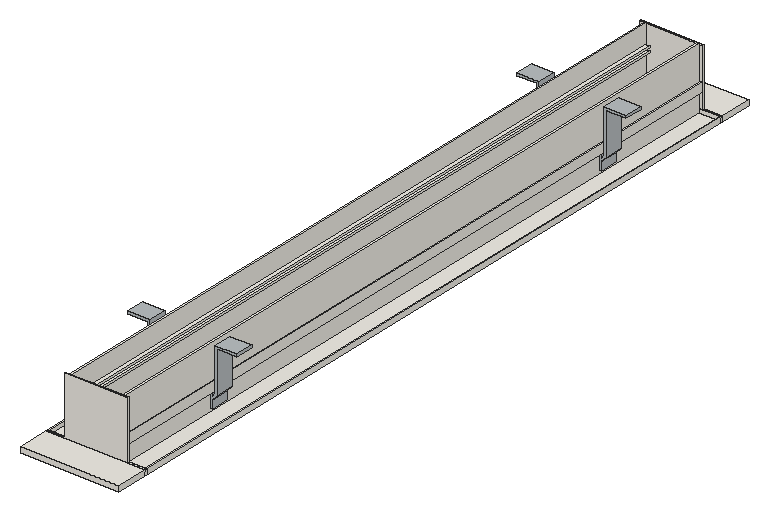
Revit family "NLRS_57_AIR_UN_linear-ceiling-grill-srodxOx-no-plenum_return_LT_sacs", category Air Terminals, Revit 2021
Family settings
  Round Connector Dimension = Use Diameter
  Part Type = Normal
  Work Plane-Based = No
  Always vertical = Yes
  Cut with Voids When Loaded = No
  Shared = No
  Room Calculation Point = No
Parameters (values of type "1 slot")
  URL = "https://solid-air.nl/producten/solid-air-lijnrooster-stad-stbd-srod/"
  Type Comments = "Grill without plenum"  # constant formula
  Swap_Endcap [instance] = no
  Slots (1-4) [instance] = SACS_Base_Index * SACS_Dummy  # 1
  SACS_Type_Mark [instance] = ""
  SACS_Standard_Color [instance] = yes
  SACS_Show_Symbol [instance] = yes
  SACS_Option_5 [instance] = if([Slots (1-4)] < 2, "Single slot", if([Slots (1-4)] = 2, "2 slots", if([Slots (1-4)] = 3, "3 slots", "4 slots")))  # "Single slot"
  SACS_Option_4 [instance] = if([Brackets (0-3)] = 1, "A = Grill bracket A", if([Brackets (0-3)] = 2, "C = Plenum bracket C - not coded!", if([Brackets (0-3)] > 2, "D = Ceiling bracket D", "O = None")))  # "A = Grill bracket A"
  SACS_Option_3_Value [instance] = if([Brackets (0-3)] = 1, 1, if([Brackets (0-3)] = 2, 2, if([Brackets (0-3)] = 3, 3, 5)))  # 1
  SACS_Option_3 [instance] = "O = No plenum"  # constant formula
  SACS_Option_2 [instance] = if([Endcaps (0-3)] < 1, "A = None", if([Endcaps (0-3)] = 1, "B = One endcap", if([Endcaps (0-3)] = 2, "C = Two endcaps", "D = Two flat endcaps")))  # "C = Two endcaps"
  SACS_Option_1 [instance] = "SROD"  # constant formula
  SACS_Model [instance] = "SRODCOA 600-1"
  SACS_Index3 [instance] = if([Brackets (0-3)] < 1, 4, if([Brackets (0-3)] = 1, 0, if([Brackets (0-3)] = 2, 4, 3))) * 1 mm  # 0 mm
  SACS_Index2 [instance] = if([Endcaps (0-3)] < 1, 0, if([Endcaps (0-3)] > 2, 3, [Endcaps (0-3)])) * 1 mm  # 2 mm
  SACS_Index1 [instance] = if([Slots (1-4)] < 2, 1 mm, if([Slots (1-4)] = 2, 2 mm, if([Slots (1-4)] = 3, 3 mm, 4 mm)))  # 1 mm
  SACS_Face_Color [instance] = NLRS_57_anodised aluminium_RAL9010_gen_sacs
  SACS_Existing_Product [instance] = not(size_lookup(SACS_Data_Hidden, "L_Grill", 0 mm, NLRS_C_lengte, SACS_Index1, SACS_Index2, SACS_Index3) = 0 mm)  # yes
  SACS_Dummy = 1  # constant formula
  SACS_Data_Hidden = "SRODxOx"  # constant formula
  SACS_Custom_Color [instance] = ""
  SACS_Color_Ral [instance] = yes
  SACS_Color [instance] = if(SACS_Standard_Color, "RAL9010", SACS_Custom_Color)  # "RAL9010"
  SACS_Base_Index = 1
  SACS_Article_Code [instance] = if(SACS_Standard_Color, size_lookup(SACS_Data_Hidden, "ArticleCode", "NB", NLRS_C_lengte, SACS_Index1, SACS_Index2, SACS_Index3), "NB")  # "NB"
  SA-Select [instance] = "https://selectietool.solid-air.nl/Dashboard/CPMDashPage/Show/7"
  NLRS_C_model [instance] = SACS_Model  # "SRODCOA 600-1"
  NLRS_C_materiaal_kleur [instance] = SACS_Color  # "RAL9010"
  NLRS_C_lengte [instance] = 600 mm
  NLRS_C_gtin_code [instance] = if(SACS_Standard_Color, size_lookup(SACS_Data_Hidden, "GTIN", "NB", NLRS_C_lengte, SACS_Index1, SACS_Index2, SACS_Index3), "NB")  # "NB"
  NLRS_C_description = Description  # "Solid Air Lineair Grill"
  NLRS_C_content_versie = "2.21.01"  # constant formula
  NLRS_C_content_provider = "Solid Air Climate Solutions"  # constant formula
  NLRS_C_content_datum_gewijzigd = "29-02-2024"  # constant formula
  NLRS_C_content_creator = "J.Feeke"  # constant formula
  NLRS_C_breedte [instance] = if([Brackets (0-3)] > 2, 65 mm, 52 mm) + (SACS_Base_Index - 1) * 43.3 mm  # 52 mm
  Model = "ST linear grill, no plenum"  # constant formula
  Min Flow = 0.0 L/s
  Max Flow = 0.0 L/s
  Manufacturer = "Solid Air Climate Solutions"  # constant formula
  Endcaps (0-3) [instance] = 2
  Description = "Solid Air Lineair Grill"  # constant formula
  Default Elevation = 2700 mm
  Brackets (0-3) [instance] = 1
  Assembly Code = "57.00"
Types (5, lengths in mm): name | Slots (1-4) | SACS_Option_5 | SACS_Model | SACS_Index1 | SACS_Base_Index | NLRS_C_model | NLRS_C_breedte
  (no name) | 1 | "Single slot" | "SRODCOA 600-1" | 1 | 1 | "SRODCOA 600-1" | 52
  1 slot | 1 | "Single slot" | "SRODCOA 600-1" | 1 | 1 | "SRODCOA 600-1" | 52
  2 slot | 2 | "2 slots" | "SRODCOA 600-2" | 2 | 2 | "SRODCOA 600-2" | 95.3
  3 slot | 3 | "3 slots" | "SRODCOA 600-3" | 3 | 3 | "SRODCOA 600-3" | 138.6
  4 slot | 4 | "4 slots" | "SRODCOA 600-4" | 4 | 4 | "SRODCOA 600-4" | 181.9
Reference planes
  plane 1 "Center (Front/Back)": y = 0
  plane 2: z = 0
  plane 3 "Center (Left/Right)": x = 0
  plane 4: y = 300
  plane 5: y = -300
  plane 6: x = -26
  plane 7: x = 26
Lines and regions (mm)
  model lines, visible <- "SACS_Show_Symbol", detail levels coarse
    curve 1: line (-26, 300, 0) -> (26, 300, 0)
    curve 2: line (-26, -300, 0) -> (-26, 300, 0)
    curve 3: line (26, -300, 0) -> (-26, -300, 0)
    curve 4: line (26, 300, 0) -> (26, -300, 0)
    curve 5: line (-26, 300, 0) -> (26, -300, 0)
Dimensions and locks
  equal spacing: plane 5, plane 1 "Center (Front/Back)", plane 4
  "NLRS_C_lengte": plane 5 to plane 4
  equal spacing: plane 6, plane 3 "Center (Left/Right)", plane 7
  "NLRS_C_breedte": plane 6 to plane 7
  locked: nested 2 to plane 6 at 6.875
  locked: nested 2 to plane 4 at 16.25
  aligned and locked: level to plane 2
  aligned and locked: plane 1 "Center (Front/Back)" to nested 1
  aligned and locked: plane 3 "Center (Left/Right)" to nested 1
  aligned and locked: curve 2 to plane 6
  aligned and locked: plane 4 to curve 1
  aligned and locked: curve 3 to plane 5
  aligned and locked: plane 7 to curve 4
Nested families
  nested 1: "SxDxxx" at (0, 0, -4.5), type "SxDxxx", detail levels medium+fine
    with SACS_Array_End 400 mm, SACS_Array_Count 2, SACS_Array_Base 100 mm
  nested 2: "logo_SACS" at (-32.875, 283.75, -3) x (0, 1, 0) z (0, 0, 1), type "logo_SACS"
    with t 4 mm
Definition of nested family "SxDxxx"
  Parameters (values of type "SxDxxx")
    dummy = 1  # constant formula
    Swap_Endcap = no
    Slots (1-4) = 1
    Single_Slot = [Slots (1-4)] = 2  # no
    Safe_count = if([Slots (1-4)] < 3, 2, [Slots (1-4)] - 1)  # 2
    SACS_Width2 = (if([Slots (1-4)] < 2, 1, [Slots (1-4)])) * 43.3 mm  # 43.3 mm
    SACS_Real_Length = (L - 10 mm) * dummy  # 590 mm
    SACS_Array_End [instance] = SACS_Array_Base * SACS_Array_Count * 2  # 400 mm
    SACS_Array_Count [instance] = if(L > 600 mm, if(L - (rounddown(L / 600 mm) * 600 mm) = 0 mm, rounddown(L / 600 mm), rounddown(L / 600 mm) + 1), 2)  # 2
    SACS_Array_Base [instance] = L / (SACS_Array_Count + 1) / 2  # 100 mm
    Multiple_slot = [Slots (1-4)] > 2  # no
    Material = none
    L = 600 mm
    Flat_Front = or(Endplate_Front, [Endcaps (0-3)] = 3)  # yes
    Flat_Back = or(Endplate_Back, [Endcaps (0-3)] = 3)  # yes
    Endplate_Front = or(and([Endcaps (0-3)] > 1, [Endcaps (0-3)] < 3), and([Endcaps (0-3)] = 1, not(Swap_Endcap)))  # yes
    Endplate_Back = or(and([Endcaps (0-3)] > 1, [Endcaps (0-3)] < 3), and([Endcaps (0-3)] = 1, Swap_Endcap))  # yes
    Endcaps (0-3) = 2
    Description = "ST grill with brackets"  # constant formula
    Default Elevation = 2700 mm
    D = 125 mm
    Ceiling = 5 mm
    Brackets (0-4) = 1
  Reference planes
    plane 1 "Center (Front/Back)": y = 0
    plane 2: z = 0
    plane 3 "Center (Left/Right)": x = 0
    plane 4: y = 300
    plane 5: y = -300
    plane 6: y = 295
    plane 7: y = -295
    plane 8: y = -200
    plane 9: y = 200
    plane 10: x = -21.65
    plane 11 "first_midprofile": x = 21.65
    plane 12 "second midprofile": x = 64.95
    plane 13: z = 4.5
    plane 14: z = 52
    plane 15: z = 35.05
    plane 16: z = 32.55
    plane 17: z = 31.05
    plane 18: z = 36.55
    plane 19: z = 25.6
    plane 20: z = 22.1
    plane 21: z = 20.6
    plane 22: z = 17.6
    plane 23: x = -17.65
    plane 24: x = -25.95
    plane 25: x = -40.6
    plane 26: x = -9.6
    plane 27: x = 21.65
    plane 28: x = 17.65
    plane 29: x = 25.95
    plane 30: x = 40.6
    plane 31: x = 9.6
    plane 32: z = 1.5
    plane 33: x = -39.6
    plane 34: x = 39.6
    plane 35: x = -24.95
    plane 36: x = -22.4
    plane 37: x = -20.9
    plane 38: x = 22.4
    plane 39: x = 20.9
    plane 40: x = 24.95
    plane 41: y = -323.5
    plane 42: y = 323.5
    plane 43: y = -296.5
    plane 44: y = 296.5
  Forms (mm)
    Extrusion 1, solid, material <- "Material", detail levels medium+fine
      sketch origin (0, 0, 0) x (1, 0, 0) y (0, 0, 1)
        loop
          line (-20.9, 52) -> (-22.4, 52) -> (-22.4, 22.1) -> (-24.95, 22.1) -> (-24.95, 25.6) -> (-25.95, 25.6) -> (-25.95, 17.6) -> (-24.95, 17.6) -> (-24.95, 20.6) -> (-22.4, 20.6) -> (-22.4, 1.5) -> (-39.6, 1.5) -> (-39.6, 4.5) -> (-40.6, 4.5) -> (-40.6, 0) -> (-9.6, 0) -> (-9.6, 1.5) -> (-20.9, 1.5) -> (-20.9, 31.05) -> (-17.65, 31.05) -> (-17.65, 32.55) -> (-20.9, 32.55) -> (-20.9, 35.05) -> (-17.65, 35.05) -> (-17.65, 36.55) -> (-20.9, 36.55) -> (-20.9, 52)
        loop
          line (9.6, 1.5) -> (9.6, 0) -> (40.6, 0) -> (40.6, 4.5) -> (39.6, 4.5) -> (39.6, 1.5) -> (22.4, 1.5) -> (22.4, 20.6) -> (24.95, 20.6) -> (24.95, 17.6) -> (25.95, 17.6) -> (25.95, 25.6) -> (24.95, 25.6) -> (24.95, 22.1) -> (22.4, 22.1) -> (22.4, 52) -> (20.9, 52) -> (20.9, 36.55) -> (17.65, 36.55) -> (17.65, 35.05) -> (20.9, 35.05) -> (20.9, 32.55) -> (17.65, 32.55) -> (17.65, 31.05) -> (20.9, 31.05) -> (20.9, 1.5) -> (9.6, 1.5)
      from -295 to 295
    Extrusion 2, solid, material <- "Material", visible <- "Endplate_Front", detail levels medium+fine
      sketch origin (0, 0, 0) x (1, 0, 0) y (0, 1, 0)
        loop
          line (-40.6, -295) -> (-40.6, -323.5) -> (40.6, -323.5) -> (40.6, -295) -> (-40.6, -295)
      from 0 to 4.5
    Extrusion 3, solid, material <- "Material", visible <- "Endplate_Back", detail levels medium+fine
      sketch origin (0, 0, 0) x (1, 0, 0) y (0, 1, 0)
        loop
          line (-40.6, 323.5) -> (-40.6, 295) -> (40.6, 295) -> (40.6, 323.5) -> (-40.6, 323.5)
      from 0 to 4.5
    Extrusion 4, solid, material <- "Material", visible <- "Flat_Front", detail levels medium+fine
      sketch origin (0, 0, 0) x (1, 0, 0) y (0, 0, 1)
        loop
          line (-25.95, 52) -> (-25.95, 4.5) -> (-40.6, 4.5) -> (-40.6, 0) -> (40.6, 0) -> (40.6, 4.5) -> (25.95, 4.5) -> (25.95, 52) -> (-25.95, 52)
      from 295 to 296.5
    Extrusion 5, solid, material <- "Material", visible <- "Flat_Back", detail levels medium+fine
      sketch origin (0, 0, 0) x (1, 0, 0) y (0, 0, 1)
        loop
          line (-25.95, 52) -> (-25.95, 4.5) -> (-40.6, 4.5) -> (-40.6, 0) -> (40.6, 0) -> (40.6, 4.5) -> (25.95, 4.5) -> (25.95, 52) -> (-25.95, 52)
      from -296.5 to -295
    Extrusion 6, solid, not visible
      sketch origin (-525.994, -297.937, 0) x (1, 0, 0) y (0, 1, 0)
        loop
          arc (545.644, 299.937) -> (543.644, 297.937) -> (545.644, 295.937) r 2
          line (545.644, 295.937) -> (545.644, 297.937) -> (547.644, 295.937) -> (547.644, 297.937) -> (545.644, 299.937)
      from 0 to 2
    Extrusion 7, solid, not visible
      sketch origin (21.65, 0, 0) x (1, 0, 0) y (0, 1, 0)
        loop
          arc (2, -2) -> (4, 0) -> (2, 2) r 2
          line (2, 2) -> (2, 0) -> (0, 2) -> (0, 0) -> (2, -2)
      from 0 to 2
  Dimensions and locks
    equal spacing: plane 4, plane 1 "Center (Front/Back)", plane 5
    "L": plane 4 to plane 5
    equal spacing: plane 6, plane 1 "Center (Front/Back)", plane 7
    "SACS_Real_Length": plane 6 to plane 7
    "SACS_Array_Base": plane 8 to plane 5
    "SACS_Array_End": plane 9 to plane 8
    plane 10 to plane 3 "Center (Left/Right)" = 21.65 mm
    locked: plane 12 "second midprofile" to plane 11 "first_midprofile" at 43.3
    locked: plane 10 to plane 11 "first_midprofile" at 43.3
    locked: plane 13 to plane 2 at 4.5
    locked: plane 14 to plane 2 at 52
    plane 14 to plane 18 to plane 15 to plane 16 to plane 17 = 15.45 mm locked, 1.5 mm, 2.5 mm locked, 1.5 mm
    plane 26 to plane 10 to plane 25 = 12.05 mm locked, 18.95 mm locked
    plane 23 to plane 10 to plane 24 = 4 mm locked, 4.3 mm locked
    plane 31 to plane 27 to plane 30 = 12.05 mm locked, 18.95 mm locked
    plane 28 to plane 27 to plane 29 = 4 mm locked, 4.3 mm locked
    equal spacing: plane 10, plane 3 "Center (Left/Right)", plane 27
    "SACS_Width2": plane 10 to plane 27
    locked: plane 19 to plane 20 at 3.5
    locked: plane 20 to plane 21 at 1.5
    locked: plane 21 to plane 22 at 3
    locked: plane 22 to plane 2 at 17.6
    locked: plane 33 to plane 25 at 1
    plane 32 to plane 2 = 1.5 mm
    locked: plane 35 to plane 24 at 1
    locked: plane 37 to plane 10 at 0.75
    locked: plane 10 to plane 36 at 0.75
    locked: plane 27 to plane 39 at 0.75
    locked: plane 38 to plane 27 at 0.75
    locked: plane 34 to plane 30 at 1
    locked: plane 40 to plane 29 at 1
    group 1 to group 2 = 43.3 mm
    group 1 to group 2 = 0 mm  (x2)
    locked: plane 7 to plane 41 at 28.5
    locked: plane 6 to plane 42 at 28.5
    locked: plane 7 to plane 43 at 1.5
    locked: plane 44 to plane 6 at 1.5
    group 3 to group 4 = 0 mm  (x2)
    group 3 to group 4 = 400 mm
    aligned and locked: level to plane 2
    aligned and locked: plane 1 "Center (Front/Back)" to nested 1
    aligned and locked: plane 3 "Center (Left/Right)" to nested 1
    aligned and locked: Extrusion 1 sketch curve to plane 37
    aligned and locked: plane 37 to Extrusion 1 sketch curve  (x2)
    aligned and locked: Extrusion 1 sketch curve to plane 36
    aligned and locked: plane 36 to Extrusion 1 sketch curve
    aligned and locked: Extrusion 1 sketch curve to plane 14
    aligned and locked: plane 18 to Extrusion 1 sketch curve
    aligned and locked: Extrusion 1 sketch curve to plane 15
    aligned and locked: plane 16 to Extrusion 1 sketch curve
    aligned and locked: Extrusion 1 sketch curve to plane 17
    aligned and locked: Extrusion 1 sketch curve to plane 19
    aligned and locked: plane 22 to Extrusion 1 sketch curve
    aligned and locked: Extrusion 1 sketch curve to plane 20
    aligned and locked: plane 21 to Extrusion 1 sketch curve
    aligned and locked: Extrusion 1 sketch curve to plane 24
    aligned and locked: plane 35 to Extrusion 1 sketch curve
    aligned and locked: Extrusion 1 sketch curve to plane 35
    aligned and locked: Extrusion 1 sketch curve to plane 23  (x2)
    aligned and locked: Extrusion 1 sketch curve to plane 32
    aligned and locked: plane 32 to Extrusion 1 sketch curve  (x3)
    aligned and locked: plane 33 to Extrusion 1 sketch curve
    aligned and locked: plane 13 to Extrusion 1 sketch curve
    aligned and locked: Extrusion 1 sketch curve to plane 25
    aligned and locked: Extrusion 1 sketch curve to plane 2  (x2)
    aligned and locked: Extrusion 1 sketch curve to plane 30
    aligned and locked: plane 31 to Extrusion 1 sketch curve
    aligned and locked: plane 39 to Extrusion 1 sketch curve
    aligned and locked: Extrusion 1 sketch curve to plane 39
    aligned and locked: plane 14 to Extrusion 1 sketch curve
    aligned and locked: Extrusion 1 sketch curve to plane 38
    aligned and locked: plane 38 to Extrusion 1 sketch curve
    aligned and locked: Extrusion 1 sketch curve to plane 22
    aligned and locked: plane 19 to Extrusion 1 sketch curve
    aligned and locked: plane 29 to Extrusion 1 sketch curve
    aligned and locked: plane 28 to Extrusion 1 sketch curve  (x2)
    aligned and locked: Extrusion 1 sketch curve to plane 18
    aligned and locked: plane 15 to Extrusion 1 sketch curve
    aligned and locked: Extrusion 1 sketch curve to plane 16
    aligned and locked: plane 17 to Extrusion 1 sketch curve
    aligned and locked: Extrusion 1 sketch curve to plane 40  (x2)
    aligned and locked: plane 20 to Extrusion 1 sketch curve
    aligned and locked: Extrusion 1 sketch curve to plane 21
    aligned and locked: Extrusion 1 to plane 6
    aligned and locked: Extrusion 1 to plane 7
    aligned and locked: plane 11 "first_midprofile" to nested 2
    aligned and locked: plane 12 "second midprofile" to nested 3
    aligned and locked: Extrusion 2 to plane 25
    aligned and locked: Extrusion 2 sketch curve to plane 25
    aligned and locked: Extrusion 2 sketch curve to plane 7
    aligned and locked: Extrusion 2 sketch curve to plane 41
    aligned and locked: Extrusion 2 sketch curve to plane 30
    aligned and locked: Extrusion 2 to plane 2
    aligned and locked: plane 13 to Extrusion 2
    aligned and locked: Extrusion 3 sketch curve to plane 6
    aligned and locked: plane 25 to Extrusion 3 sketch curve
    aligned and locked: plane 30 to Extrusion 3 sketch curve
    aligned and locked: plane 42 to Extrusion 3 sketch curve
    aligned and locked: Extrusion 3 to plane 2
    aligned and locked: plane 13 to Extrusion 3
    aligned and locked: Extrusion 4 sketch curve to plane 14
    aligned and locked: Extrusion 4 sketch curve to plane 29
    aligned and locked: plane 13 to Extrusion 4 sketch curve  (x2)
    aligned and locked: Extrusion 4 sketch curve to plane 30
    aligned and locked: Extrusion 4 sketch curve to plane 24
    aligned and locked: Extrusion 4 sketch curve to plane 25
    aligned and locked: Extrusion 4 sketch curve to plane 2
    aligned and locked: Extrusion 4 to plane 7
    aligned and locked: Extrusion 4 to plane 43
    aligned and locked: Extrusion 5 to plane 6
    aligned and locked: Extrusion 5 to plane 44
    aligned and locked: Extrusion 5 sketch curve to plane 24
    aligned and locked: Extrusion 5 sketch curve to plane 29
    aligned and locked: Extrusion 5 sketch curve to plane 25
    aligned and locked: Extrusion 5 sketch curve to plane 2
    aligned and locked: plane 13 to Extrusion 5 sketch curve  (x2)
    aligned and locked: Extrusion 5 sketch curve to plane 30
    aligned and locked: Extrusion 5 sketch curve to plane 14
    aligned and locked: nested 4 to plane 8
    aligned and locked: nested 5 to plane 9
  Automatic sketch dimensions
    Extrusion 1 sketch curve to plane 26 = 0 mm
    plane 39 to Extrusion 1 sketch curve = 0 mm
    Extrusion 1 sketch curve to plane 13 = 0 mm
    plane 34 to Extrusion 1 sketch curve = 0 mm
    plane 33 to Extrusion 6 sketch curve = 59.25 mm
    Extrusion 6 sketch curve to Extrusion 6 sketch curve = 2 mm  (x3)
    Extrusion 6 sketch curve to plane 6 = 297 mm
    Extrusion 6 sketch curve to Extrusion 6 sketch curve = 0 mm  (x2)
    plane 33 to Extrusion 7 sketch curve = 61.25 mm
    Extrusion 7 sketch curve to Extrusion 7 sketch curve = 2 mm  (x2)
    Extrusion 7 sketch curve to plane 6 = 297 mm
    Extrusion 7 sketch curve to Extrusion 7 sketch curve = 0 mm  (x3)
  Nested families
    nested 1: "midprofile" at (0, 0, 0), visible <- "Single_Slot", type "midprofile", detail levels medium+fine
    nested 2: "midprofile" at (21.65, 0, 0), visible <- "Multiple_slot", type "midprofile", detail levels medium+fine
    nested 3: "midprofile" at (64.95, 0, 0), visible <- "Multiple_slot", type "midprofile", detail levels medium+fine
    nested 4: "bracket" at (0, -200, 0), type "bracket"
    nested 5: "bracket" at (0, 200, 0), type "bracket"
  Definition of nested family "midprofile"
    Parameters (values of type "midprofile")
      Material = none
      Draw_Length = 590 mm
      Description = "midprofile line diffusers"  # constant formula
      Default Elevation = 0 mm
    Reference planes
      plane 1 "Center (Front/Back)": y = 0
      plane 2: z = 0
      plane 3 "Center (Left/Right)": x = 0
      plane 4: y = 295
      plane 5: y = -295
      plane 6: x = -12
      plane 7: x = 12
      plane 8: x = -0.75
      plane 9: x = 0.75
      plane 10: z = 1.5
      plane 11: z = 30.3
    Forms (mm)
      Extrusion 1, solid, material <- "Material", detail levels medium+fine
        sketch origin (0, 0, 0) x (1, 0, 0) y (0, 0, 1)
          loop
            line (-0.75, 30.3) -> (-0.75, 1.5) -> (-12, 1.5) -> (-12, 0) -> (12, 0) -> (12, 1.5) -> (0.75, 1.5) -> (0.75, 30.3) -> (-0.75, 30.3)
        from -295 to 295
      Extrusion 2, solid, not visible
        sketch origin (-547.644, -297.937, 0) x (1, 0, 0) y (0, 1, 0)
          loop
            arc (545.644, 299.937) -> (543.644, 297.937) -> (545.644, 295.937) r 2
            line (545.644, 295.937) -> (545.644, 297.937) -> (547.644, 295.937) -> (547.644, 297.937) -> (545.644, 299.937)
        from 0 to 2
      Extrusion 3, solid, not visible
        sketch origin (0, 0, 0) x (1, 0, 0) y (0, 1, 0)
          loop
            arc (2, -2) -> (4, 0) -> (2, 2) r 2
            line (2, 2) -> (2, 0) -> (0, 2) -> (0, 0) -> (2, -2)
        from 0 to 2
    Dimensions and locks
      equal spacing: plane 4, plane 1 "Center (Front/Back)", plane 5
      "Draw_Length": plane 4 to plane 5
      locked: plane 10 to plane 2 at 1.5
      equal spacing: plane 9, plane 3 "Center (Left/Right)", plane 8
      locked: plane 9 to plane 8 at 1.5
      equal spacing: plane 7, plane 3 "Center (Left/Right)", plane 6
      locked: plane 7 to plane 6 at 24
      locked: plane 11 to plane 2 at 30.3
      aligned and locked: level to plane 2
      aligned and locked: plane 8 to Extrusion 1 sketch curve
      aligned and locked: Extrusion 1 sketch curve to plane 9
      aligned and locked: Extrusion 1 sketch curve to plane 11
      aligned and locked: Extrusion 1 sketch curve to plane 7
      aligned and locked: plane 6 to Extrusion 1 sketch curve
      aligned and locked: Extrusion 1 sketch curve to plane 10  (x2)
      aligned and locked: plane 2 to Extrusion 1 sketch curve
      aligned and locked: plane 4 to Extrusion 1
      aligned and locked: Extrusion 1 to plane 5
    Automatic sketch dimensions
      Extrusion 2 sketch curve to plane 7 = 14 mm
      Extrusion 2 sketch curve to Extrusion 2 sketch curve = 2 mm  (x3)
      plane 1 "Center (Front/Back)" to Extrusion 2 sketch curve = 2 mm
      Extrusion 2 sketch curve to Extrusion 2 sketch curve = 0 mm  (x2)
      Extrusion 3 sketch curve to plane 7 = 12 mm
      Extrusion 3 sketch curve to Extrusion 3 sketch curve = 2 mm  (x2)
      plane 1 "Center (Front/Back)" to Extrusion 3 sketch curve = 2 mm
      Extrusion 3 sketch curve to Extrusion 3 sketch curve = 0 mm  (x3)
  Definition of nested family "bracket"
    Parameters (values of type "bracket")
      slots = 1
      count = if(slots < 1, 0, (slots - 1)) * Dummy  # 0
      Type_D = Bracket = 4  # no
      Type_CD = or(Type_C, Type_D)  # no
      Type_C = Bracket = 3  # no
      Type_B = Bracket = 2  # no
      Type_A = Bracket = 1  # yes
      Material = none
      Dummy = 1  # constant formula
      Diameter = 125 mm
      Default Elevation = 0 mm
      Ceiling = 5 mm
      Bracket = 1
    Reference planes
      plane 1 "Center (Front/Back)": y = 0
      plane 2: z = 0
      plane 3 "Center (Left/Right)": x = 0
      plane 4: y = 7.5
      plane 5: y = -7.5
    Forms (mm)
      Sweep 1, solid, material <- "Material", visible <- "Type_A", detail levels medium+fine
        path in 3D
          loop
            line (0, 7.5, 32.8) -> (0, -7.5, 32.8)
        profile "Profile_A : Profile_A" origin (0, 0, 32.8) x (0, 0, -1) y (1, 0, 0)
          loop
            line (-17.25, 44.75) -> (-19.25, 44.75) -> (-19.25, 26.85) -> (16.42, 26.85) -> (18.67, 24.6) -> (12.3, 24.6) -> (12.3, 22.6) -> (28.25, 22.6) -> (28.25, 24.6) -> (21.5, 24.6) -> (17.25, 28.85) -> (-17.25, 28.85) -> (-17.25, 44.75)
          loop
            line (-17.25, -44.75) -> (-17.25, -28.85) -> (17.25, -28.85) -> (21.5, -24.6) -> (28.25, -24.6) -> (28.25, -22.6) -> (12.3, -22.6) -> (12.3, -24.6) -> (18.67, -24.6) -> (16.42, -26.85) -> (-19.25, -26.85) -> (-19.25, -44.75) -> (-17.25, -44.75)
      Sweep 2, solid, material <- "Material", visible <- "Type_B", detail levels medium+fine
        path in 3D
          loop
            line (0, 7.5, 32.8) -> (0, -7.5, 32.8)
        profile "Profile_B : Profile_B" origin (0, 0, 32.8) x (0, 0, -1) y (1, 0, 0)
          loop
            line (-216.75, 56.4) -> (-216.75, 24.4) -> (-184.75, 24.4) -> (-184.75, 26.4) -> (-214.75, 26.4) -> (-214.75, 56.4) -> (-216.75, 56.4)
          loop
            line (-216.75, -56.4) -> (-214.75, -56.4) -> (-214.75, -26.4) -> (-184.75, -26.4) -> (-184.75, -24.4) -> (-216.75, -24.4) -> (-216.75, -56.4)
      Sweep 3, solid, material <- "Material", visible <- "Type_CD", detail levels medium+fine
        path in 3D
          loop
            line (0, 7.5, 32.8) -> (0, -7.5, 32.8)
        profile "Profile_CD : Profile_CD" origin (0, 0, 32.8) x (0, 0, -1) y (1, 0, 0)
          loop
            line (-40.7, 25) -> (-40.7, -25) -> (18.3, -30.5) -> (18.3, -28.5) -> (-38.7, -23.55) -> (-38.7, 23.55) -> (18.3, 28.5) -> (18.3, 30.5) -> (-40.7, 25)
          loop
            arc (-25, -8.5) -> (-24.298, -10.428) -> (-22.521, -11.454) r 3
            line (-22.521, -11.454) -> (-2.826, -14.925)
            arc (-2.826, -14.925) -> (-2.234, -15.267) -> (-2, -15.91) r 1
            line (-2, -15.91) -> (-2, -20.5) -> (0, -20.5) -> (0, -15.91)
            arc (0, -15.91) -> (-0.702, -13.982) -> (-2.479, -12.956) r 3
            line (-2.479, -12.956) -> (-22.174, -9.485)
            arc (-22.174, -9.485) -> (-22.766, -9.143) -> (-23, -8.5) r 1
            line (-23, -8.5) -> (-23, 8.5)
            arc (-23, 8.5) -> (-22.766, 9.143) -> (-22.174, 9.485) r 1
            line (-22.174, 9.485) -> (-2.479, 12.956)
            arc (-2.479, 12.956) -> (-0.702, 13.982) -> (0, 15.91) r 3
            line (0, 15.91) -> (0, 20.5) -> (-2, 20.5) -> (-2, 15.91)
            arc (-2, 15.91) -> (-2.234, 15.267) -> (-2.826, 14.925) r 1
            line (-2.826, 14.925) -> (-22.521, 11.454)
            arc (-22.521, 11.454) -> (-24.298, 10.428) -> (-25, 8.5) r 3
            line (-25, 8.5) -> (-25, -8.5)
      Extrusion 4, solid, not visible
        sketch origin (-547.644, -297.937, 0) x (1, 0, 0) y (0, 1, 0)
          loop
            arc (545.644, 299.937) -> (543.644, 297.937) -> (545.644, 295.937) r 2
            line (545.644, 295.937) -> (545.644, 297.937) -> (547.644, 295.937) -> (547.644, 297.937) -> (545.644, 299.937)
        from 0 to 2
      Extrusion 5, solid, not visible
        sketch origin (0, 0, 0) x (1, 0, 0) y (0, 1, 0)
          loop
            arc (2, -2) -> (4, 0) -> (2, 2) r 2
            line (2, 2) -> (2, 0) -> (0, 2) -> (0, 0) -> (2, -2)
        from 0 to 2
    Lines and regions (mm)
      model lines, not visible
        curve 1: line (0, 7.5, 32.8) -> (0, -7.5, 32.8)
      sketch lines
        curve 2: line (0, 7.5, 32.8) -> (0, -7.5, 32.8)
        curve 3: line (0, 7.5, 32.8) -> (0, -7.5, 32.8)
        curve 4: line (0, 7.5, 32.8) -> (0, -7.5, 32.8)
    Dimensions and locks
      equal spacing: plane 5, plane 1 "Center (Front/Back)", plane 4
      locked: plane 4 to plane 5 at 15
      locked: plane 2 to curve 1 at 32.8
      aligned and locked: level to plane 2
      aligned and locked: plane 5 to curve 1
      aligned and locked: plane 4 to curve 1
    Automatic sketch dimensions
      plane 1 "Center (Front/Back)" to Extrusion 4 sketch curve = 0 mm  (x3)
      Extrusion 4 sketch curve to plane 3 "Center (Left/Right)" = 0 mm
      Extrusion 4 sketch curve to plane 3 "Center (Left/Right)" = 2 mm
      Extrusion 4 sketch curve to Extrusion 4 sketch curve = 2 mm  (x2)
      plane 1 "Center (Front/Back)" to Extrusion 5 sketch curve = 0 mm  (x3)
      Extrusion 5 sketch curve to plane 3 "Center (Left/Right)" = 0 mm
      Extrusion 5 sketch curve to Extrusion 5 sketch curve = 2 mm  (x2)
      Extrusion 5 sketch curve to Extrusion 5 sketch curve = 0 mm
Definition of nested family "logo_SACS"
  Parameters (values of type "logo_SACS")
    t = 2 mm
    Model = "LOD 400"
    Description = "Model type"
    Default Elevation = 1219.2 mm
  Reference planes
    plane 1 "Center (Front/Back)": y = 0
    plane 2: z = 0
    plane 3 "Center (Left/Right)": x = 0
    plane 4: z = 2
    plane 5: x = -4
    plane 6: y = -2
    plane 7: y = 2
    plane 8: x = -2
    plane 9: x = 2
    plane 10: x = 4
  Forms (mm)
    Extrusion 1, solid
      sketch origin (-547.644, -297.937, 0) x (1, 0, 0) y (0, 1, 0)
        loop
          arc (545.644, 299.937) -> (543.644, 297.937) -> (545.644, 295.937) r 2
          line (545.644, 295.937) -> (545.644, 297.937) -> (547.644, 295.937) -> (547.644, 297.937) -> (545.644, 299.937)
      from 0 to 2
    Extrusion 2, solid
      sketch origin (0, 0, 0) x (1, 0, 0) y (0, 1, 0)
        loop
          arc (2, -2) -> (4, 0) -> (2, 2) r 2
          line (2, 2) -> (2, 0) -> (0, 2) -> (0, 0) -> (2, -2)
      from 0 to 2
  Dimensions and locks
    "t": plane 7 to plane 1 "Center (Front/Back)"
    "t": plane 6 to plane 1 "Center (Front/Back)"
    "t": plane 5 to plane 8
    "t": plane 8 to plane 3 "Center (Left/Right)"
    "t": plane 3 "Center (Left/Right)" to plane 9
    "t": plane 9 to plane 10
    aligned and locked: level to plane 2
    aligned and locked: plane 4 to Extrusion 1
  Automatic sketch dimensions
    plane 1 "Center (Front/Back)" to Extrusion 1 sketch curve = 0 mm  (x3)
    Extrusion 1 sketch curve to plane 8 = 0 mm
    Extrusion 1 sketch curve to plane 7 = 0 mm
    Extrusion 1 sketch curve to plane 3 "Center (Left/Right)" = 0 mm
    Extrusion 1 sketch curve to plane 6 = 0 mm
    Extrusion 2 sketch curve to plane 3 "Center (Left/Right)" = 0 mm
    plane 1 "Center (Front/Back)" to Extrusion 2 sketch curve = 0 mm  (x3)
    Extrusion 2 sketch curve to plane 6 = 0 mm
    Extrusion 2 sketch curve to plane 9 = 0 mm
    Extrusion 2 sketch curve to plane 7 = 0 mm
